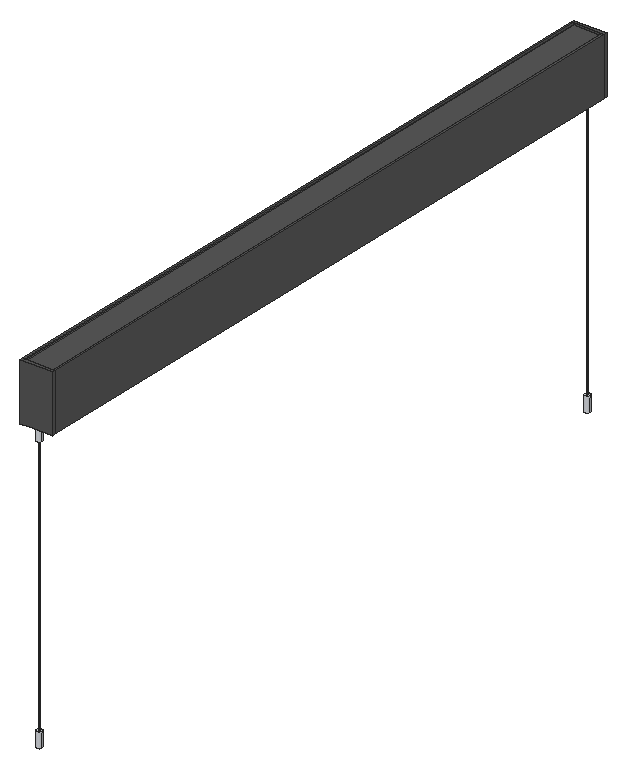
Revit family "EOS2.0-P-DI", category Lighting Fixtures, host Face, Revit 2018
Family settings
  Host = Face
  Round Connector Dimension = Use Diameter
  Part Type = Normal
  Cut with Voids When Loaded = No
  Light Source = Yes
  Shared = Yes
  Room Calculation Point = Yes
Parameters (values of type "4' Direct/ Indirect")
  Wattage = 35.2941 W
  built-in parameter 1150110 = 1 (stored number, unit not read)
  Voltage = 0 V
  built-in parameter 1114217 = 1 (stored number, unit not read)
  Tilt Angle = 90.00°
  built-in parameter 1150109 = 1 (stored number, unit not read)
  built-in parameter 1150134 = 12
  Switch Leg Visibility = no
  Switch Leg [instance] = ""
  Suspension Length [instance] = 2' - 0"
  built-in parameter 1150113 = 1 (stored number, unit not read)
  Photometric Web File = "EOS2.0 P-DI 375 375 4 40K 8.ies"
  Material [instance] = LUX ILLUMINAIRE Black
  built-in parameter 1150105 = 238.73 (stored number, unit not read)
  Lumens = 3000 lm
  built-in parameter 1150115 = 1 (stored number, unit not read)
  built-in parameter 1150137 = (empty or 0)
  built-in parameter 1150139 = (empty or 0)
  built-in parameter 1150112 = 1 (stored number, unit not read)
  built-in parameter 1150114 = 1 (stored number, unit not read)
  Lamp = "LED"
  built-in parameter 1150132 = 2
  built-in parameter 1150102 = (empty or 0)
  built-in parameter 1150107 = 4000 (stored number, unit not read)
  built-in parameter 1150138 = (empty or 0)
  built-in parameter 1150106 = 2.3873 (stored number, unit not read)
  Fixture Width = 0' - 2 1/4"  # constant formula
  Fixture Symbol Visiblity = yes
  Fixture Length = 4' - 0"
  Emit from Rectangle Width = Fixture Width - 0' 0 1/4"  # 0' - 2"
  Emit from Rectangle Length = Fixture Length  # 4' - 0"
  Emit Shape Visible in Rendering = yes
  Emergency Lighting [instance] = no
  built-in parameter 1150104 = 7.8968 (stored number, unit not read)
  Dimming Lamp Color Temperature Shift = <None>
  Default Elevation = 4' - 0"
  Color Filter = 16777215
  built-in parameter 1140040 [instance] = 1
  built-in parameter 1114218 = 1 (stored number, unit not read)
  built-in parameter 1150133 = 10 (stored number, unit not read)
  Apparent Load = 25.1 VA
Types (6): name | Wattage | built-in parameter 1150105 | Lumens | built-in parameter 1150106 | Fixture Length | Emit from Rectangle Length | Apparent Load
  3' Direct/ Indirect | 26.4706 W | 179.05 (stored number, unit not read) | 2250 lm | 1.7905 (stored number, unit not read) | 3' - 0" | 3' - 0" | 25.1 VA
  4' Direct/ Indirect | 35.2941 W | 238.73 (stored number, unit not read) | 3000 lm | 2.3873 (stored number, unit not read) | 4' - 0" | 4' - 0" | 25.1 VA
  5' Direct/ Indirect | 44.1176 W | 298.42 (stored number, unit not read) | 3750 lm | 2.9842 (stored number, unit not read) | 5' - 0" | 5' - 0" | 31.4 VA
  6' Direct/ Indirect | 52.9412 W | 358.1 (stored number, unit not read) | 4500 lm | 3.581 (stored number, unit not read) | 6' - 0" | 6' - 0" | 37.7 VA
  7' Direct/ Indirect | 61.7647 W | 417.78 (stored number, unit not read) | 5250 lm | 4.1778 (stored number, unit not read) | 7' - 0" | 7' - 0" | 43.9 VA
  8' Direct/ Indirect | 70.5882 W | 477.46 (stored number, unit not read) | 6000 lm | 4.7746 (stored number, unit not read) | 8' - 0" | 8' - 0" | 50.2 VA
Reference planes (in)
  plane 1 "Center (Front/Back)": y = 0
  plane 2: z = 0
  plane 3 "Center (Left/Right)": x = 0
  plane 4: x = 1.125
  plane 5: x = -1.125
  plane 6: y = 24
  plane 7: y = -24
  plane 8: z = 24
  plane 9: y = 24.25
  plane 10: y = -24.25
  plane 11: z = 1
  plane 12: z = 20
  plane 13: z = 19.25
Forms (in)
  Extrusion 1, solid, material "LUX ILLUMINAIRE Black" <- "Material"
    sketch origin (0, 0, 0) x (1, 0, 0) y (0, 0, 1)
      loop
        line (-1.12525, 19.9985) -> (-0.437, 19.9985) -> (0.438, 19.9985) -> (1.12626, 19.9985) -> (1.12626, 24) -> (1.04127, 24) -> (1.04127, 23.887) -> (0.88928, 23.90497) -> (-0.8887, 23.90497) -> (-1.04026, 23.887) -> (-1.04026, 24) -> (-1.12525, 24) -> (-1.12525, 19.9985)
    from -24 to 24
  Extrusion 2, solid, material "LUX ILLUMINAIRE Black" <- "Material"
    sketch origin (0, 0, 0) x (1, 0, 0) y (0, 0, 1)
      loop
        line (-1.12525, 24) -> (-1.12525, 19.9985) -> (-0.437, 19.9985) -> (0.438, 19.9985) -> (1.12626, 19.9985) -> (1.12626, 24) -> (-1.12525, 24)
    from 24 to 24.25
  Extrusion 3, solid
    sketch origin (0, 0, 0) x (1, 0, 0) y (0, 1, 0)
      loop
        circle (0.00029, -24) r 0.1875
    from 0 to 1
  Extrusion 4, solid
    sketch origin (0, 0, 0) x (1, 0, 0) y (0, 1, 0)
      loop
        circle (0.0005, -24) r 0.03125
    from 1 to 19.25
  Extrusion 5, solid
    sketch origin (0, 0, 0) x (1, 0, 0) y (0, 1, 0)
      loop
        circle (0.0005, -24) r 0.18729
    from 19.25 to 20
  Extrusion 6, solid, not visible
    sketch origin (0, 0, 0) x (1, 0, 0) y (0, 1, 0)
      loop
        circle (0.00029, -24) r 0.1875
    from 0 to 1
  Extrusion 7, solid, not visible
    sketch origin (0, 0, 0) x (1, 0, 0) y (0, 1, 0)
      loop
        circle (0.0005, -24) r 0.03125
    from 1 to 13.33203
  Extrusion 8, solid, not visible
    sketch origin (0, 0, 0) x (1, 0, 0) y (0, 1, 0)
      loop
        circle (0.0005, -24) r 0.18729
    from 13.33203 to 14.08203
  Extrusion 9, solid, material "LUX ILLUMINAIRE Black" <- "Material"
    sketch origin (0.00056, 24, 0) x (1, 0, 0) y (0, 0, -1)
      loop
        line (-1.12556, -24) -> (1.12444, -24) -> (1.12444, -19.9985) -> (0.438, -19.9985) -> (-0.437, -19.9985) -> (-1.12556, -19.9985) -> (-1.12556, -24)
    from 0 to 0.25
  Extrusion 10, solid
    sketch origin (0, 0, 0) x (1, 0, 0) y (0, 1, 0)
      loop
        circle (0.00029, 24) r 0.1875
    from 0 to 1
  Extrusion 11, solid
    sketch origin (0, 0, 0) x (1, 0, 0) y (0, 1, 0)
      loop
        circle (0.0005, 24) r 0.03125
    from 1 to 19.25
  Extrusion 12, solid
    sketch origin (0, 0, 0) x (1, 0, 0) y (0, 1, 0)
      loop
        circle (0.0005, 24) r 0.18729
    from 19.25 to 20
Lines and regions (in)
  symbolic lines, visible <- "Fixture Symbol Visiblity"
    curve 1: line (-1.125, 24, 0) -> (1.125, 24, 0)
    curve 2: line (-1.125, -24, 0) -> (-1.125, 24, 0)
    curve 3: line (1.125, -24, 0) -> (-1.125, -24, 0)
    curve 4: line (1.125, 24, 0) -> (1.125, -24, 0)
Dimensions and locks (in)
  plane 5 to plane 4 = 0' - 2 1/4"
  equal spacing: plane 7, plane 1 "Center (Front/Back)", plane 6
  "Fixture Length": plane 7 to plane 6
  plane 8 to host face = 2' - 0"
  locked: plane 6 to plane 9 at 0.25
  locked: plane 10 to plane 7 at 0.25
  "Suspension Length": plane 8 to level
  "Fixture Width": plane 4 to plane 5
  equal spacing: plane 4, plane 3 "Center (Left/Right)", plane 5
  locked: nested 2 to plane 10 at 9.5
  locked: nested 3 to Extrusion 1 at 0.09086
  plane 8 to plane 12 to plane 13 = 0' - 4" locked, 0' - 0 3/4" locked
  locked: plane 8 to imposter light at 0.05558
  aligned and locked: plane 2 to host face
  aligned and locked: level to host face
  aligned and locked: Extrusion 9 to plane 5
  aligned and locked: plane 4 to Extrusion 9
  aligned and locked: plane 6 to Extrusion 9
  aligned and locked: Extrusion 1 to plane 6
  aligned and locked: plane 10 to Extrusion 2
  aligned and locked: Extrusion 2 to plane 7
  aligned and locked: plane 7 to Extrusion 1
  aligned and locked: Extrusion 9 to plane 9
  aligned and locked: plane 12 to Extrusion 12
  aligned and locked: Extrusion 12 to plane 13
  aligned and locked: plane 13 to Extrusion 11
  aligned and locked: plane 12 to Extrusion 5
  aligned and locked: Extrusion 5 to plane 13
  aligned and locked: plane 13 to Extrusion 4
  aligned and locked: plane 7 to nested 1
  aligned and locked: plane 6 to curve 1
  aligned and locked: plane 5 to curve 2
  aligned and locked: curve 3 to plane 7
  aligned and locked: curve 4 to plane 4
  aligned and locked: nested 1 to plane 6
  aligned and locked: plane 8 to Extrusion 9
  aligned and locked: plane 8 to Extrusion 2
Automatic sketch dimensions
  host sketch curve to host sketch curve = 8' - 0"  (x2)
  Extrusion 1 sketch curve to plane 5 = 0' - 0.00025"
  plane 5 to Extrusion 1 sketch curve = 0' - 0.08474"  (x2)
  Extrusion 1 sketch curve to plane 8 = 0' - 0.113"  (x2)
  Extrusion 1 sketch curve to plane 8 = 0' - 0.09503"  (x2)
  Extrusion 1 sketch curve to Extrusion 1 sketch curve = 0' - 0.15157"
  Extrusion 1 sketch curve to plane 12 = 0' - 0.0015"
  Extrusion 1 sketch curve to plane 3 "Center (Left/Right)" = 0' - 0.437"
  plane 3 "Center (Left/Right)" to Extrusion 1 sketch curve = 0' - 0.438"
  Extrusion 1 sketch curve to plane 4 = 0' - 0.23572"
  Extrusion 1 sketch curve to plane 4 = 0' - 0.08373"  (x2)
  plane 4 to Extrusion 1 sketch curve = 0' - 0.00126"
  plane 8 to Extrusion 1 sketch curve = 0' - 0"  (x2)
  Extrusion 1 sketch curve to Extrusion 1 sketch curve = 0' - 0"  (x2)
  Extrusion 2 sketch curve to plane 5 = 0' - 0.00025"
  Extrusion 2 sketch curve to plane 12 = 0' - 0.0015"
  Extrusion 2 sketch curve to plane 3 "Center (Left/Right)" = 0' - 0.437"
  plane 3 "Center (Left/Right)" to Extrusion 2 sketch curve = 0' - 0.438"
  plane 4 to Extrusion 2 sketch curve = 0' - 0.00126"
  plane 8 to Extrusion 2 sketch curve = 0' - 0"
  plane 5 to Extrusion 9 sketch curve = 0' - 0"
  Extrusion 9 sketch curve to plane 12 = 0' - 0.0015"
  Extrusion 9 sketch curve to plane 3 "Center (Left/Right)" = 0' - 0.43644"
  plane 3 "Center (Left/Right)" to Extrusion 9 sketch curve = 0' - 0.43856"
  plane 4 to Extrusion 9 sketch curve = 0' - 0"
  plane 8 to Extrusion 9 sketch curve = 0' - 0"
  plane 7 to Extrusion 3 sketch curve = 0' - 0"
  plane 3 "Center (Left/Right)" to Extrusion 3 sketch curve = 0' - 0.00029"
  plane 7 to Extrusion 4 sketch curve = 0' - 0"
  plane 3 "Center (Left/Right)" to Extrusion 4 sketch curve = 0' - 0.0005"
  plane 7 to Extrusion 5 sketch curve = 0' - 0"
  plane 3 "Center (Left/Right)" to Extrusion 5 sketch curve = 0' - 0.0005"
  plane 6 to Extrusion 10 sketch curve = 0' - 0"
  plane 3 "Center (Left/Right)" to Extrusion 10 sketch curve = 0' - 0.00029"
  plane 6 to Extrusion 11 sketch curve = 0' - 0"
  plane 3 "Center (Left/Right)" to Extrusion 11 sketch curve = 0' - 0.0005"
  plane 6 to Extrusion 12 sketch curve = 0' - 0"
  plane 3 "Center (Left/Right)" to Extrusion 12 sketch curve = 0' - 0.0005"
  radius of Extrusion 3 sketch curve = 0' - 0 3/16"
  radius of Extrusion 4 sketch curve = 0' - 0 1/32"
  radius of Extrusion 5 sketch curve = 0' - 0.18729"
  radius of Extrusion 6 sketch curve = 0' - 0 3/16"
  radius of Extrusion 7 sketch curve = 0' - 0 1/32"
  radius of Extrusion 8 sketch curve = 0' - 0.18729"
  radius of Extrusion 10 sketch curve = 0' - 0 3/16"
  radius of Extrusion 11 sketch curve = 0' - 0 1/32"
  radius of Extrusion 12 sketch curve = 0' - 0.18729"
Nested families (in)
  nested 1: "Emergency Symbol Rectangle" at (-10.88584, 0, 0) x (0, 1, 0) z (0, 0, 1), visible <- "Emergency Lighting", type "Emergency Symbol Rectangle"
    with Width 0' - 8.52168", Length 4' - 0"
  nested 2: "Switch Leg Annotation" at (9.99627, -14.75, 0) x (0, 1, 0) z (0, 0, 1), visible <- "Switch Leg Visibility", Switch Leg Annotation <- "Switch Leg", type "Switch Leg Annotation"
    with Switch Leg Annotation ""
  nested 3: "Indirect Light Source 2" at (-8.67032, 0.00882, -34.09236) x (0, 1, 0) z (0, 0, 1), type "Indirect Light Source 2"
Connectors (in)
  electrical at (0.00029, 24, 0), driven by "Apparent Load", driven by "Voltage"
    settings: on Extrusion 10, index 1, voltage 0 V, apparent load 0 VA, apparent load phase1 25.1 VA, apparent load phase2 0 VA, apparent load phase3 0 VA, power factor 1, load classification "Other", number of poles 1, system type 31, power factor state 1, is connector primary yes, connector utility no, sub classification motor no, connector description ""
Definition of nested family "Emergency Symbol Rectangle"
  Parameters (values of type "Emergency Symbol Rectangle")
    Width [instance] = 0' - 8 1/2"
    Length [instance] = 5' - 0"
    Emergency Visibility = no
  Reference planes (in)
    plane 1 "Center (Front/Back)": y = -7.75
    plane 2: z = 0
    plane 3 "Center (Left/Right)": x = -24
    plane 4: x = 24
    plane 5: x = -36
    plane 6: y = -3.5
    plane 7: y = -12
  Lines and regions (in)
    Filled region 1, type "Solid Fill - Black", in view "Ref. Level", detail levels coarse+medium
      outline origin (0, 0.25, 0) x (1, 0, 0) y (0, 1, 0)
        loop
          line (-36, -12.25) -> (24, -12.25) -> (-36, -10.125) -> (-36, -12.25)
  Dimensions and locks (in)
    equal spacing: plane 7, plane 1 "Center (Front/Back)", plane 6
    "Width": plane 7 to plane 6
    "Length": plane 5 to plane 4
    aligned and locked: plane 5 to Filled region 1
  Automatic sketch dimensions
    plane 1 "Center (Front/Back)" to Filled region 1 sketch curve = 0' - 2 1/8"
    Filled region 1 sketch curve to plane 3 "Center (Left/Right)" = 1' - 0"
    Filled region 1 sketch curve to plane 4 = 0' - 0"
    Filled region 1 sketch curve to plane 7 = 0' - 0"
Definition of nested family "Switch Leg Annotation"
  Parameters (values of type "Switch Leg Annotation")
    Switch Leg Annotation [instance] = ""
  Reference planes (in)
    plane 1: y = 0
    plane 2: x = 0
  Text (in)
    label "a" at (0.00527, 0.01239, 0), shows "Switch Leg Annotation"
Definition of nested family "Indirect Light Source 2"
  Parameters (values of type "Indirect Light Source 2")
    Wattage = 20 W
    built-in parameter 1150110 = 1 (stored number, unit not read)
    built-in parameter 1114217 = 1 (stored number, unit not read)
    built-in parameter 1150109 = 1 (stored number, unit not read)
    built-in parameter 1150134 = (empty or 0)
    built-in parameter 1150113 = 1 (stored number, unit not read)
    Lumens = 1700 lm
    built-in parameter 1150115 = 1 (stored number, unit not read)
    built-in parameter 1150105 = 541.13 (stored number, unit not read)
    Light Source Symbol Size = 2' - 0"
    built-in parameter 1150137 = (empty or 0)
    built-in parameter 1150139 = (empty or 0)
    built-in parameter 1150112 = 1 (stored number, unit not read)
    built-in parameter 1150114 = 1 (stored number, unit not read)
    built-in parameter 1150132 = (empty or 0)
    built-in parameter 1150102 = (empty or 0)
    built-in parameter 1150138 = (empty or 0)
    built-in parameter 1150107 = 3500 (stored number, unit not read)
    built-in parameter 1150106 = 5.4113 (stored number, unit not read)
    Emit from Rectangle Width = 0' - 4 3/16"
    Emit from Rectangle Length = 7' - 11 1/2"
    Emit Shape Visible in Rendering = yes
    built-in parameter 1150104 = 7.8968 (stored number, unit not read)
    Dimming Lamp Color Temperature Shift = (empty or 0)
    Color Filter = 16777215
    built-in parameter 1114218 = 1 (stored number, unit not read)
    built-in parameter 1150133 = 10 (stored number, unit not read)
  Reference planes (in)
    plane 1 "Light Source Axis (F/B)": y = -8.60801
    plane 2: z = 0
    plane 3 "Light Source Axis (L/R)": x = 0
    plane 4 "Light Source Elevation": z = 54
    plane 5: z = 0
  Lines and regions (in)
    model lines
      curve 1: line (-22, -8.60801, 54) -> (21, -8.60801, 54)
  Dimensions and locks (in)
    aligned and locked: plane 3 "Light Source Axis (L/R)" to imposter light
    aligned and locked: level to plane 5
